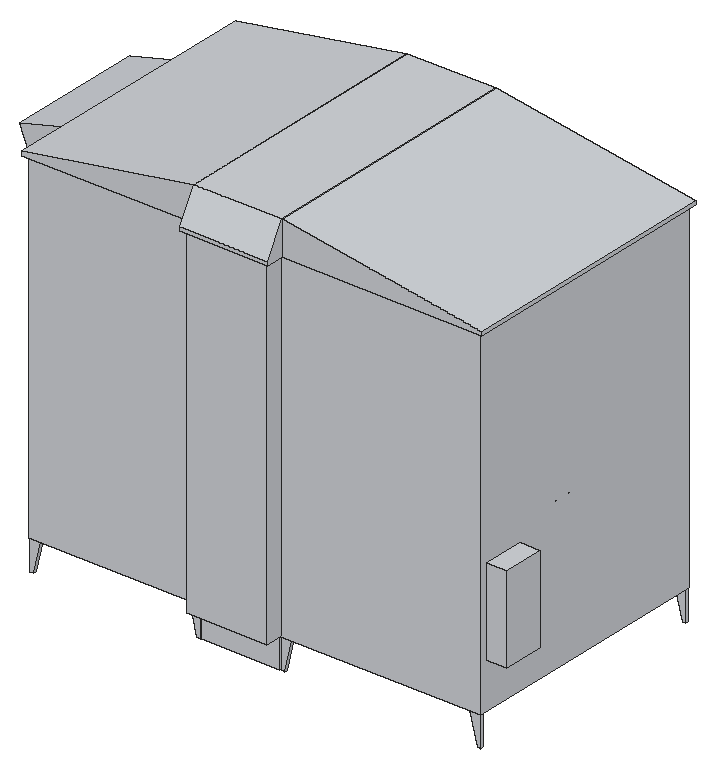
Revit family "AHU 8 _8", category Mechanické zařízení, Revit 2018
Family settings
  Kóta kulaté spojky = Použít průměr
  Typ dílu = Normální
  Číslo OmniClass = 23.75.00.00
  Nadpis OmniClass = Climate Control (HVAC)
  Založené na pracovní rovině = Ne
  Vždy vertikální = Ano
  Ořezat dutým tvarem při načtení = Ne
  Sdílené = Ne
  Bod výpočtu místnosti = Ne
Parameters (values of type "DUPLEXVENT 15000 Rotary-N")
  Width [instance] = 1.93 mm
  Weight [instance] = 1547.00 kg
  URL = ""
  Type [instance] = "DUPLEXVENT 15000 Rotary-N"
  Total_SFP [instance] = 0
  Supply_outlet_hum [instance] = 90
  Supply_inlet_hum [instance] = 90
  Supply_ext_pressure [instance] = 0.0 Pa
  Supply_SFP [instance] = 0
  Source_adu_file [instance] = ""
  Recuperation_type [instance] = "Rotation regeneration exchanger"
  Recuperation_efficiency_EN308 [instance] = 0
  Project_name [instance] = ""
  Project_date [instance] = "10.8.2023"
  Power_supply_fusing [instance] = "0"
  Power_supply_cable [instance] = "0"
  Position [instance] = "AHU 8 "
  Phases_count [instance] = 3
  Panel_thickness [instance] = 0.06 mm
  Outer_surface [instance] = "RAL 9002"
  Length [instance] = 2.97 mm
  Insulation_type [instance] = "PUR"
  Insulation_thickness [instance] = 0.05 mm
  Installation_environment [instance] = ""
  Input_power_max [instance] = 10880 W
  Inner_surface [instance] = "Pozink"
  I2 [instance] = I1  # 0.0 L/s
  Height [instance] = 2.25 mm
  Exhaust_outlet_hum [instance] = 40
  Exhaust_inlet_hum [instance] = 40
  Exhaust_ext_pressure [instance] = 0.0 Pa
  Exhaust_SFP [instance] = 0
  E1 [instance] = E2 - M1  # 0.0 L/s
  E2 [instance] = 0.0 L/s
  I1 [instance] = 0.0 L/s
  Description = ""
  M1 [instance] = 0.0 L/s
  Device_dutypoint_version [instance] = "0"
  Device_design_version [instance] = "10"
  Device_adu_id [instance] = "8"
  Current_max [instance] = 18.8 A
  Casing_mat [instance] = "painted zinc layer"
  Cable type [instance] = "CYKY 5Jx4"
Reference planes
  plane 1 "Střed (vpředu/vzadu)": y = 0
  plane 2 "ref": z = 0
  plane 3 "Střed (vlevo/vpravo)": x = 0
Forms (mm)
  Sweep 1, solid
    path origin (0, 0, 0) x (0, 0, 1) y (1, 0, 0)
      loop
        line (0, 0) -> (2250, 0)
    profile origin (0, 0, 0) x (1, 0, 0) y (0, 1, 0)
      loop
        line (0, 0) -> (1125, 0) -> (1125, 1705) -> (0, 1705) -> (0, 0)
  Sweep 2, solid
    path origin (0, 0, 0) x (0, 0, 1) y (1, 0, 0)
      loop
        line (0, 0) -> (2250, 0)
    profile origin (0, 0, 0) x (1, 0, 0) y (0, 1, 0)
      loop
        line (1125, -113) -> (1655, -113) -> (1655, 1817) -> (1125, 1817) -> (1125, -113)
  Sweep 3, solid
    path origin (0, 0, 0) x (0, 0, 1) y (1, 0, 0)
      loop
        line (0, 0) -> (2250, 0)
    profile origin (0, 0, 0) x (1, 0, 0) y (0, 1, 0)
      loop
        line (1655, 0) -> (2970, 0) -> (2970, 1705) -> (1655, 1705) -> (1655, 0)
  Sweep 4, solid
    path origin (1485, 1730, 1125) x (1, 0, 0) y (0, 1, 0)
      loop
        line (0, 0) -> (0, -1755)
    profile origin (1485, 1730, 1125) x (1, 0, 0) y (0, 0, 1)
      loop
        line (-1510, 1125) -> (-385, 1125) -> (-385, 1350) -> (-1510, 1150) -> (-1510, 1125)
  Sweep 5, solid
    path origin (1100, 853, 1125) x (1, 0, 0) y (0, 1, 0)
      loop
        line (0, 0) -> (580, 0)
    profile origin (1100, 853, 1125) x (0, 1, 0) y (0, 0, 1)
      loop
        line (-990, 1125) -> (990, 1125) -> (990, 1150) -> (877, 1350) -> (-877, 1350) -> (-990, 1150) -> (-990, 1125)
  Sweep 6, solid
    path origin (1485, 1730, 1125) x (1, 0, 0) y (0, 1, 0)
      loop
        line (0, 0) -> (0, -1755)
    profile origin (1485, 1730, 1125) x (1, 0, 0) y (0, 0, 1)
      loop
        line (1510, 1125) -> (1510, 1150) -> (195, 1350) -> (195, 1125) -> (1510, 1125)
  Sweep 7, solid
    path origin (-250, 1452, 1705) x (1, 0, 0) y (0, 1, 0)
      loop
        line (0, 0) -> (0, -900)
    profile origin (-250, 1452, 1705) x (1, 0, 0) y (0, 0, 1)
      loop
        line (249, 450) -> (-250, 315) -> (50, -450) -> (250, -450) -> (249, 450)
  Sweep 8, solid
    path origin (0, 1002, 1705) x (0, 1, 0) y (-1, 0, 0)
      loop
        line (0, 0) -> (0, 1)
    profile origin (0, 1002, 1705) x (0, -1, 0) y (0, 0, 1)
      loop
        line (-450, -450) -> (450, -450) -> (450, 450) -> (-450, 450) -> (-450, -450)
  Sweep 9, solid
    path origin (2969, 853, 1660) x (1, 0, 0) y (0, 1, 0)
      loop
        line (0, 0) -> (1, 0)
    profile origin (2969, 853, 1660) x (0, 1, 0) y (0, 0, 1)
      loop
        line (-600, 450) -> (-600, -450) -> (600, -450) -> (600, 450) -> (-600, 450)
  Sweep 10, solid
    path origin (2969, 1002, 545) x (1, 0, 0) y (0, 1, 0)
      loop
        line (0, 0) -> (1, 0)
    profile origin (2969, 1002, 545) x (0, 1, 0) y (0, 0, 1)
      loop
        line (-450, 450) -> (-450, -450) -> (450, -450) -> (450, 450) -> (-450, 450)
  Sweep 11, solid
    path origin (340, 1704, 590) x (0, 1, 0) y (-1, 0, 0)
      loop
        line (0, 0) -> (1, 0)
    profile origin (340, 1704, 590) x (-1, 0, 0) y (0, 0, 1)
      loop
        line (200, -450) -> (200, 450) -> (-200, 450) -> (-200, -450) -> (200, -450)
  Sweep 12, solid
    path origin (17, 18, 0) x (1, 0, 0) y (0, 1, 0)
      loop
        line (0, 0) -> (0, -15)
    profile origin (17, 18, 0) x (1, 0, 0) y (0, 0, 1)
      loop
        line (-11, 0) -> (-11, -200) -> (11, -200) -> (60, 0) -> (-11, 0)
  Sweep 13, solid
    path origin (1113, 18, 0) x (1, 0, 0) y (0, 1, 0)
      loop
        line (0, 0) -> (0, -15)
    profile origin (1113, 18, 0) x (1, 0, 0) y (0, 0, 1)
      loop
        line (-60, 0) -> (-11, -200) -> (11, -200) -> (11, 0) -> (-60, 0)
  Sweep 14, solid
    path origin (17, 1702, 0) x (1, 0, 0) y (0, 1, 0)
      loop
        line (0, 0) -> (0, -15)
    profile origin (17, 1702, 0) x (1, 0, 0) y (0, 0, 1)
      loop
        line (-11, 0) -> (-11, -200) -> (11, -200) -> (60, 0) -> (-11, 0)
  Sweep 15, solid
    path origin (1113, 1702, 0) x (1, 0, 0) y (0, 1, 0)
      loop
        line (0, 0) -> (0, -15)
    profile origin (1113, 1702, 0) x (1, 0, 0) y (0, 0, 1)
      loop
        line (-60, 0) -> (-11, -200) -> (11, -200) -> (11, 0) -> (-60, 0)
  Sweep 16, solid
    path origin (1390, 64, 0) x (1, 0, 0) y (0, 1, 0)
      loop
        line (0, 0) -> (0, -58)
    profile origin (1390, 64, 0) x (1, 0, 0) y (0, 0, 1)
      loop
        line (-256, 0) -> (-256, -200) -> (256, -200) -> (256, 0) -> (-256, 0)
  Sweep 17, solid
    path origin (1390, 1700, 0) x (1, 0, 0) y (0, 1, 0)
      loop
        line (0, 0) -> (0, -58)
    profile origin (1390, 1700, 0) x (1, 0, 0) y (0, 0, 1)
      loop
        line (-256, 0) -> (-256, -200) -> (256, -200) -> (256, 0) -> (-256, 0)
  Sweep 18, solid
    path origin (1667, 18, 0) x (1, 0, 0) y (0, 1, 0)
      loop
        line (0, 0) -> (0, -15)
    profile origin (1667, 18, 0) x (1, 0, 0) y (0, 0, 1)
      loop
        line (-11, 0) -> (-11, -200) -> (11, -200) -> (60, 0) -> (-11, 0)
  Sweep 19, solid
    path origin (2954, 18, 0) x (1, 0, 0) y (0, 1, 0)
      loop
        line (0, 0) -> (0, -15)
    profile origin (2954, 18, 0) x (1, 0, 0) y (0, 0, 1)
      loop
        line (-60, 0) -> (-11, -200) -> (11, -200) -> (11, 0) -> (-60, 0)
  Sweep 20, solid
    path origin (1667, 1702, 0) x (1, 0, 0) y (0, 1, 0)
      loop
        line (0, 0) -> (0, -15)
    profile origin (1667, 1702, 0) x (1, 0, 0) y (0, 0, 1)
      loop
        line (-11, 0) -> (-11, -200) -> (11, -200) -> (60, 0) -> (-11, 0)
  Sweep 21, solid
    path origin (2954, 1702, 0) x (1, 0, 0) y (0, 1, 0)
      loop
        line (0, 0) -> (0, -15)
    profile origin (2954, 1702, 0) x (1, 0, 0) y (0, 0, 1)
      loop
        line (-60, 0) -> (-11, -200) -> (11, -200) -> (11, 0) -> (-60, 0)
  Sweep 22, solid
    path origin (0, 0, 310) x (0, 0, 1) y (1, 0, 0)
      loop
        line (0, 0) -> (570, 0)
    profile origin (0, 0, 310) x (1, 0, 0) y (0, 1, 0)
      loop
        line (2970, 35) -> (3110, 35) -> (3110, 310) -> (2970, 310) -> (2970, 35)
  Sweep 23, solid
    path origin (3040, 172, 310) x (0, -1, 0) y (0, 0, 1)
      loop
        line (0, 0) -> (0, -1)
    profile origin (3040, 172, 310) x (-1, 0, 0) y (0, -1, 0)
      loop
        circle (0, 0) r 10
Lines and regions (mm)
  model lines, style "Symbol"
    curve 1: line (1390, -113, 0) -> (1390, -113, 450)
    curve 2: line (1390, -113, 2250) -> (1390, -113, 1800)
    curve 3: line (1125, -113, 1125) -> (1655, -113, 1125)
    curve 4: line (0, 0, 1125) -> (1125, 0, 1125)
    curve 5: line (2970, 0, 1125) -> (1655, 0, 1125)
    curve 6: line (1178, -113, 113) -> (1178, -113, 2138)
    curve 7: line (1178, -113, 2138) -> (1602, -113, 2138)
    curve 8: line (1602, -113, 2138) -> (1602, -113, 113)
    curve 9: line (1602, -113, 113) -> (1178, -113, 113)
    curve 10: line (1178, -113, 1125) -> (1602, -113, 1125)
    curve 11: line (1554, -113, 915) -> (1537, -113, 720)
    curve 12: line (1537, -113, 720) -> (1510, -113, 552)
    curve 13: line (1510, -113, 552) -> (1475, -113, 424)
    curve 14: line (1475, -113, 424) -> (1434, -113, 343)
    curve 15: line (1434, -113, 343) -> (1390, -113, 315)
    curve 16: line (1390, -113, 315) -> (1346, -113, 343)
    curve 17: line (1346, -113, 343) -> (1305, -113, 424)
    curve 18: line (1305, -113, 424) -> (1270, -113, 552)
    curve 19: line (1270, -113, 552) -> (1243, -113, 720)
    curve 20: line (1243, -113, 720) -> (1226, -113, 915)
    curve 21: line (1226, -113, 915) -> (1220, -113, 1125)
    curve 22: line (1220, -113, 1125) -> (1226, -113, 1335)
    curve 23: line (1226, -113, 1335) -> (1243, -113, 1530)
    curve 24: line (1243, -113, 1530) -> (1270, -113, 1698)
    curve 25: line (1270, -113, 1698) -> (1305, -113, 1826)
    curve 26: line (1305, -113, 1826) -> (1346, -113, 1907)
    curve 27: line (1346, -113, 1907) -> (1390, -113, 1935)
    curve 28: line (1390, -113, 1935) -> (1434, -113, 1907)
    curve 29: line (1434, -113, 1907) -> (1475, -113, 1826)
    curve 30: line (1475, -113, 1826) -> (1510, -113, 1698)
    curve 31: line (1510, -113, 1698) -> (1537, -113, 1530)
    curve 32: line (1537, -113, 1530) -> (1554, -113, 1335)
    curve 33: line (1554, -113, 1335) -> (1494, -113, 1557)
    curve 34: line (1554, -113, 1335) -> (1562, -113, 1578)
    curve 35: line (2475, 0, 1848) -> (2835, 0, 1786)
    curve 36: line (2475, 0, 1527) -> (2835, 0, 1589)
    curve 37: line (495, 0, 402) -> (135, 0, 464)
    curve 38: line (495, 0, 723) -> (135, 0, 661)
    curve 39: line (356, 0, 1350) -> (356, 0, 2025)
    curve 40: line (356, 0, 2025) -> (535, 0, 2025)
    curve 41: line (535, 0, 2025) -> (535, 0, 1350)
    curve 42: line (535, 0, 1350) -> (356, 0, 1350)
    curve 43: line (446, 0, 1350) -> (535, 0, 1688)
    curve 44: line (446, 0, 2025) -> (535, 0, 1688)
    curve 45: line (2614, 0, 900) -> (2614, 0, 225)
    curve 46: line (2614, 0, 225) -> (2435, 0, 225)
    curve 47: line (2435, 0, 225) -> (2435, 0, 900)
    curve 48: line (2435, 0, 900) -> (2614, 0, 900)
    curve 49: line (2525, 0, 900) -> (2435, 0, 563)
    curve 50: line (2525, 0, 225) -> (2435, 0, 563)
    curve 51: line (0, -2112, 0) -> (0, -113, 0)
    curve 52: line (2970, -2112, 0) -> (2970, -113, 0)
    curve 53: line (0, -2112, 0) -> (2970, -2112, 0)
    curve 54: line (0, -2112, 2250) -> (0, -113, 2250)
    curve 55: line (2970, -2112, 2250) -> (2970, -113, 2250)
    curve 56: line (0, -2112, 2250) -> (2970, -2112, 2250)
    curve 57: line (0, -2112, 0) -> (0, -2112, 2250)
    curve 58: line (2970, -2112, 0) -> (2970, -2112, 2250)
    curve 59: line (0, -2112, 2050) -> (200, -2112, 2250)
    curve 60: line (0, -2112, 1850) -> (400, -2112, 2250)
    curve 61: line (0, -2112, 1650) -> (600, -2112, 2250)
    curve 62: line (0, -2112, 1450) -> (800, -2112, 2250)
    curve 63: line (0, -2112, 1250) -> (1000, -2112, 2250)
    curve 64: line (0, -2112, 1050) -> (1200, -2112, 2250)
    curve 65: line (0, -2112, 850) -> (1400, -2112, 2250)
    curve 66: line (0, -2112, 650) -> (1600, -2112, 2250)
    curve 67: line (0, -2112, 450) -> (1800, -2112, 2250)
    curve 68: line (0, -2112, 250) -> (2000, -2112, 2250)
    curve 69: line (0, -2112, 50) -> (2200, -2112, 2250)
    curve 70: line (150, -2112, 0) -> (2400, -2112, 2250)
    curve 71: line (350, -2112, 0) -> (2600, -2112, 2250)
    curve 72: line (550, -2112, 0) -> (2800, -2112, 2250)
    curve 73: line (750, -2112, 0) -> (2970, -2112, 2220)
    curve 74: line (950, -2112, 0) -> (2970, -2112, 2020)
    curve 75: line (1150, -2112, 0) -> (2970, -2112, 1820)
    curve 76: line (1350, -2112, 0) -> (2970, -2112, 1620)
    curve 77: line (1550, -2112, 0) -> (2970, -2112, 1420)
    curve 78: line (1750, -2112, 0) -> (2970, -2112, 1220)
    curve 79: line (1950, -2112, 0) -> (2970, -2112, 1020)
    curve 80: line (2150, -2112, 0) -> (2970, -2112, 820)
    curve 81: line (2350, -2112, 0) -> (2970, -2112, 620)
    curve 82: line (2550, -2112, 0) -> (2970, -2112, 420)
    curve 83: line (2750, -2112, 0) -> (2970, -2112, 220)
    curve 84: line (2950, -2112, 0) -> (2970, -2112, 20)
    curve 85: line (2970, -2112, 2050) -> (2970, -1913, 2250)
    curve 86: line (2970, -2112, 1850) -> (2970, -1712, 2250)
    curve 87: line (2970, -2112, 1650) -> (2970, -1512, 2250)
    curve 88: line (2970, -2112, 1450) -> (2970, -1313, 2250)
    curve 89: line (2970, -2112, 1250) -> (2970, -1113, 2250)
    curve 90: line (2970, -2112, 1050) -> (2970, -912, 2250)
    curve 91: line (2970, -2112, 850) -> (2970, -713, 2250)
    curve 92: line (2970, -2112, 650) -> (2970, -512, 2250)
    curve 93: line (2970, -2112, 450) -> (2970, -313, 2250)
    curve 94: line (2970, -2112, 250) -> (2970, -113, 2250)
    curve 95: line (2970, -2112, 50) -> (2970, -113, 2050)
    curve 96: line (2970, -1962, 0) -> (2970, -113, 1850)
    curve 97: line (2970, -1762, 0) -> (2970, -113, 1650)
    curve 98: line (2970, -1563, 0) -> (2970, -113, 1450)
    curve 99: line (2970, -1363, 0) -> (2970, -113, 1250)
    curve 100: line (2970, -1163, 0) -> (2970, -113, 1050)
    curve 101: line (2970, -963, 0) -> (2970, -113, 850)
    curve 102: line (2970, -762, 0) -> (2970, -113, 650)
    curve 103: line (2970, -563, 0) -> (2970, -113, 450)
    curve 104: line (2970, -362, 0) -> (2970, -113, 250)
    curve 105: line (2970, -163, 0) -> (2970, -113, 50)
    curve 106: line (0, -1913, 2250) -> (200, -2112, 2250)
    curve 107: line (0, -1712, 2250) -> (400, -2112, 2250)
    curve 108: line (0, -1512, 2250) -> (600, -2112, 2250)
    curve 109: line (0, -1313, 2250) -> (800, -2112, 2250)
    curve 110: line (0, -1113, 2250) -> (1000, -2112, 2250)
    curve 111: line (0, -912, 2250) -> (1200, -2112, 2250)
    curve 112: line (0, -713, 2250) -> (1400, -2112, 2250)
    curve 113: line (0, -512, 2250) -> (1600, -2112, 2250)
    curve 114: line (0, -313, 2250) -> (1800, -2112, 2250)
    curve 115: line (0, -113, 2250) -> (2000, -2112, 2250)
    curve 116: line (200, -113, 2250) -> (2200, -2112, 2250)
    curve 117: line (400, -113, 2250) -> (2400, -2112, 2250)
    curve 118: line (600, -113, 2250) -> (2600, -2112, 2250)
    curve 119: line (800, -113, 2250) -> (2800, -2112, 2250)
    curve 120: line (1000, -113, 2250) -> (2970, -2083, 2250)
    curve 121: line (1200, -113, 2250) -> (2970, -1883, 2250)
    curve 122: line (1400, -113, 2250) -> (2970, -1683, 2250)
    curve 123: line (1600, -113, 2250) -> (2970, -1482, 2250)
    curve 124: line (1800, -113, 2250) -> (2970, -1282, 2250)
    curve 125: line (2000, -113, 2250) -> (2970, -1083, 2250)
    curve 126: line (2200, -113, 2250) -> (2970, -882, 2250)
    curve 127: line (2400, -113, 2250) -> (2970, -682, 2250)
    curve 128: line (2600, -113, 2250) -> (2970, -482, 2250)
    curve 129: line (2800, -113, 2250) -> (2970, -282, 2250)
    curve 130: line (3710, 0, 0) -> (2970, 0, 0)
    curve 131: line (3710, 1705, 0) -> (2970, 1705, 0)
    curve 132: line (3710, 0, 0) -> (3710, 1705, 0)
    curve 133: line (3710, 0, 2250) -> (2970, 0, 2250)
    curve 134: line (3710, 1705, 2250) -> (2970, 1705, 2250)
    curve 135: line (3710, 0, 2250) -> (3710, 1705, 2250)
    curve 136: line (3710, 0, 0) -> (3710, 0, 2250)
    curve 137: line (3710, 1705, 0) -> (3710, 1705, 2250)
    curve 138: line (3710, 0, 2050) -> (3710, 200, 2250)
    curve 139: line (3710, 0, 1850) -> (3710, 400, 2250)
    curve 140: line (3710, 0, 1650) -> (3710, 600, 2250)
    curve 141: line (3710, 0, 1450) -> (3710, 800, 2250)
    curve 142: line (3710, 0, 1250) -> (3710, 1000, 2250)
    curve 143: line (3710, 0, 1050) -> (3710, 1200, 2250)
    curve 144: line (3710, 0, 850) -> (3710, 1400, 2250)
    curve 145: line (3710, 0, 650) -> (3710, 1600, 2250)
    curve 146: line (3710, 0, 450) -> (3710, 1705, 2155)
    curve 147: line (3710, 0, 250) -> (3710, 1705, 1955)
    curve 148: line (3710, 0, 50) -> (3710, 1705, 1755)
    curve 149: line (3710, 150, 0) -> (3710, 1705, 1555)
    curve 150: line (3710, 350, 0) -> (3710, 1705, 1355)
    curve 151: line (3710, 550, 0) -> (3710, 1705, 1155)
    curve 152: line (3710, 750, 0) -> (3710, 1705, 955)
    curve 153: line (3710, 950, 0) -> (3710, 1705, 755)
    curve 154: line (3710, 1150, 0) -> (3710, 1705, 555)
    curve 155: line (3710, 1350, 0) -> (3710, 1705, 355)
    curve 156: line (3710, 1550, 0) -> (3710, 1705, 155)
    curve 157: line (3710, 1705, 2050) -> (3510, 1705, 2250)
    curve 158: line (3710, 1705, 1850) -> (3310, 1705, 2250)
    curve 159: line (3710, 1705, 1650) -> (3110, 1705, 2250)
    curve 160: line (3710, 1705, 1450) -> (2970, 1705, 2190)
    curve 161: line (3710, 1705, 1250) -> (2970, 1705, 1990)
    curve 162: line (3710, 1705, 1050) -> (2970, 1705, 1790)
    curve 163: line (3710, 1705, 850) -> (2970, 1705, 1590)
    curve 164: line (3710, 1705, 650) -> (2970, 1705, 1390)
    curve 165: line (3710, 1705, 450) -> (2970, 1705, 1190)
    curve 166: line (3710, 1705, 250) -> (2970, 1705, 990)
    curve 167: line (3710, 1705, 50) -> (2970, 1705, 790)
    curve 168: line (3560, 1705, 0) -> (2970, 1705, 590)
    curve 169: line (3360, 1705, 0) -> (2970, 1705, 390)
    curve 170: line (3160, 1705, 0) -> (2970, 1705, 190)
    curve 171: line (3510, 0, 2250) -> (3710, 200, 2250)
    curve 172: line (3310, 0, 2250) -> (3710, 400, 2250)
    curve 173: line (3110, 0, 2250) -> (3710, 600, 2250)
    curve 174: line (2970, 60, 2250) -> (3710, 800, 2250)
    curve 175: line (2970, 260, 2250) -> (3710, 1000, 2250)
    curve 176: line (2970, 460, 2250) -> (3710, 1200, 2250)
    curve 177: line (2970, 660, 2250) -> (3710, 1400, 2250)
    curve 178: line (2970, 860, 2250) -> (3710, 1600, 2250)
    curve 179: line (2970, 1060, 2250) -> (3615, 1705, 2250)
    curve 180: line (2970, 1260, 2250) -> (3415, 1705, 2250)
    curve 181: line (2970, 1460, 2250) -> (3215, 1705, 2250)
    curve 182: line (2970, 1660, 2250) -> (3015, 1705, 2250)
    curve 183: line (0, 0, 2850) -> (0, 0, 2250)
    curve 184: line (2970, 0, 2850) -> (2970, 0, 2250)
    curve 185: line (0, 0, 2850) -> (2970, 0, 2850)
    curve 186: line (0, 1705, 2850) -> (0, 1705, 2250)
    curve 187: line (2970, 1705, 2850) -> (2970, 1705, 2250)
    curve 188: line (0, 1705, 2850) -> (2970, 1705, 2850)
    curve 189: line (0, 0, 2850) -> (0, 1705, 2850)
    curve 190: line (2970, 0, 2850) -> (2970, 1705, 2850)
    curve 191: line (0, 1505, 2850) -> (200, 1705, 2850)
    curve 192: line (0, 1305, 2850) -> (400, 1705, 2850)
    curve 193: line (0, 1105, 2850) -> (600, 1705, 2850)
    curve 194: line (0, 905, 2850) -> (800, 1705, 2850)
    curve 195: line (0, 705, 2850) -> (1000, 1705, 2850)
    curve 196: line (0, 505, 2850) -> (1200, 1705, 2850)
    curve 197: line (0, 305, 2850) -> (1400, 1705, 2850)
    curve 198: line (0, 105, 2850) -> (1600, 1705, 2850)
    curve 199: line (95, 0, 2850) -> (1800, 1705, 2850)
    curve 200: line (295, 0, 2850) -> (2000, 1705, 2850)
    curve 201: line (495, 0, 2850) -> (2200, 1705, 2850)
    curve 202: line (695, 0, 2850) -> (2400, 1705, 2850)
    curve 203: line (895, 0, 2850) -> (2600, 1705, 2850)
    curve 204: line (1095, 0, 2850) -> (2800, 1705, 2850)
    curve 205: line (1295, 0, 2850) -> (2970, 1675, 2850)
    curve 206: line (1495, 0, 2850) -> (2970, 1475, 2850)
    curve 207: line (1695, 0, 2850) -> (2970, 1275, 2850)
    curve 208: line (1895, 0, 2850) -> (2970, 1075, 2850)
    curve 209: line (2095, 0, 2850) -> (2970, 875, 2850)
    curve 210: line (2295, 0, 2850) -> (2970, 675, 2850)
    curve 211: line (2495, 0, 2850) -> (2970, 475, 2850)
    curve 212: line (2695, 0, 2850) -> (2970, 275, 2850)
    curve 213: line (2895, 0, 2850) -> (2970, 75, 2850)
    curve 214: line (2970, 1505, 2850) -> (2970, 1705, 2650)
    curve 215: line (2970, 1305, 2850) -> (2970, 1705, 2450)
    curve 216: line (2970, 1105, 2850) -> (2970, 1705, 2250)
    curve 217: line (2970, 905, 2850) -> (2970, 1505, 2250)
    curve 218: line (2970, 705, 2850) -> (2970, 1305, 2250)
    curve 219: line (2970, 505, 2850) -> (2970, 1105, 2250)
    curve 220: line (2970, 305, 2850) -> (2970, 905, 2250)
    curve 221: line (2970, 105, 2850) -> (2970, 705, 2250)
    curve 222: line (2970, 0, 2755) -> (2970, 505, 2250)
    curve 223: line (2970, 0, 2555) -> (2970, 305, 2250)
    curve 224: line (2970, 0, 2355) -> (2970, 105, 2250)
    curve 225: line (0, 1705, 2650) -> (200, 1705, 2850)
    curve 226: line (0, 1705, 2450) -> (400, 1705, 2850)
    curve 227: line (0, 1705, 2250) -> (600, 1705, 2850)
    curve 228: line (200, 1705, 2250) -> (800, 1705, 2850)
    curve 229: line (400, 1705, 2250) -> (1000, 1705, 2850)
    curve 230: line (600, 1705, 2250) -> (1200, 1705, 2850)
    curve 231: line (800, 1705, 2250) -> (1400, 1705, 2850)
    curve 232: line (1000, 1705, 2250) -> (1600, 1705, 2850)
    curve 233: line (1200, 1705, 2250) -> (1800, 1705, 2850)
    curve 234: line (1400, 1705, 2250) -> (2000, 1705, 2850)
    curve 235: line (1600, 1705, 2250) -> (2200, 1705, 2850)
    curve 236: line (1800, 1705, 2250) -> (2400, 1705, 2850)
    curve 237: line (2000, 1705, 2250) -> (2600, 1705, 2850)
    curve 238: line (2200, 1705, 2250) -> (2800, 1705, 2850)
    curve 239: line (2400, 1705, 2250) -> (2970, 1705, 2820)
    curve 240: line (2600, 1705, 2250) -> (2970, 1705, 2620)
    curve 241: line (2800, 1705, 2250) -> (2970, 1705, 2420)
    curve 242: circle (2632, 0, 1688) r 225 normal (0, -1, 0)
    curve 243: circle (338, 0, 563) r 225 normal (0, -1, 0)
Dimensions and locks
  aligned and locked: level to plane 2 "ref"
Connectors
  hvac at (-1, 1002, 1705), driven by "E1"
    settings: on Sweep 8, index 1, duct flow 0.0 L/s, flow factor 0, pres drop 0.0 Pa, loss coef 0, conn angle 0.00°, conn width 10 mm, conn height 10 mm, conn diameter 609.6 mm, duct sys type 1, conn prof type 1, flow config 1, flow direction 1, loss method 0, conn ref index -1, conn util no, is conn primary yes, conn desc ""
  hvac at (2970, 853, 1660), driven by "E2"
    settings: on Sweep 9, index 2, duct flow 0.0 L/s, flow factor 1, pres drop 0.0 Pa, loss coef 0, conn angle 0.00°, conn width 1200 mm, conn height 900 mm, conn diameter 609.6 mm, duct sys type 1, conn prof type 1, flow config 2, flow direction 2, loss method 0, conn ref index -1, conn util no, is conn primary no, conn desc ""
  hvac at (2970, 1002, 545), driven by "I1"
    settings: on Sweep 10, index 3, duct flow 0.0 L/s, flow factor 1, pres drop 0.0 Pa, loss coef 0, conn angle 0.00°, conn width 900 mm, conn height 900 mm, conn diameter 609.6 mm, duct sys type 3, conn prof type 1, flow config 2, flow direction 1, loss method 0, conn ref index -1, conn util no, is conn primary no, conn desc ""
  hvac at (340, 1705, 590), driven by "I2"
    settings: on Sweep 11, index 4, duct flow 0.0 L/s, flow factor 0, pres drop 0.0 Pa, loss coef 0, conn angle 0.00°, conn width 400 mm, conn height 900 mm, conn diameter 609.6 mm, duct sys type 3, conn prof type 1, flow config 1, flow direction 2, loss method 0, conn ref index -1, conn util no, is conn primary no, conn desc ""
  electrical at (3040, 172, 309)
    settings: on Sweep 23, index 5, voltage 400 V, apparent load 0 VA, apparent load phase1 0 VA, apparent load phase2 0 VA, apparent load phase3 0 VA, power factor 1, load classification "Další", number of poles 3, system type 31, power factor state 1, is connector primary yes, connector utility no, sub classification motor no, connector description ""
